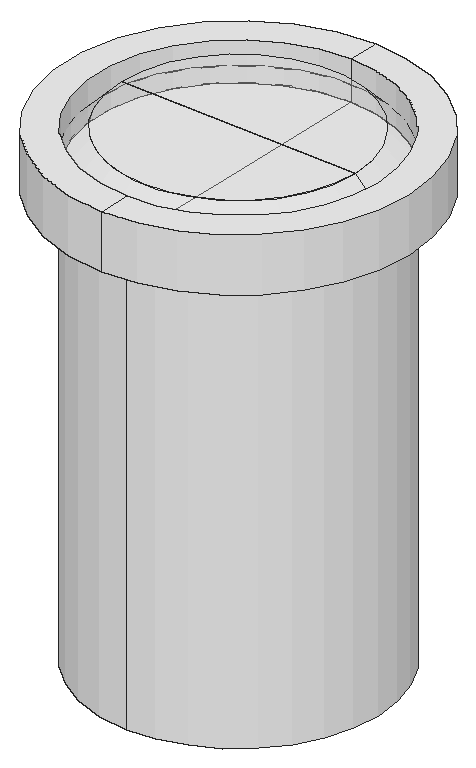
Revit family
Parameters
  Wattage = 9.2903 W
  built-in parameter 1150110 = 1 (stored number, unit not read)
  built-in parameter 1114217 = 1 (stored number, unit not read)
  built-in parameter 1150109 = 1 (stored number, unit not read)
  built-in parameter 1150134 = 3
  built-in parameter 1150113 = 1 (stored number, unit not read)
  Material light Fitting = Metal - Aluminium Satin
  Material Lamp Glazing = Glass - White Frosted
  built-in parameter 1150105 = 109.82 (stored number, unit not read)
  Lumens = 1380 lm
  built-in parameter 1150115 = 1 (stored number, unit not read)
  Light Source Symbol Size = 609.6 mm
  built-in parameter 1150137 = (empty or 0)
  built-in parameter 1150139 = (empty or 0)
  built-in parameter 1150112 = 1 (stored number, unit not read)
  built-in parameter 1150114 = 1 (stored number, unit not read)
  Keynote = "V"
  built-in parameter 1150132 = 2
  built-in parameter 1150102 = (empty or 0)
  built-in parameter 1150107 = 3200 (stored number, unit not read)
  built-in parameter 1150138 = (empty or 0)
  built-in parameter 1150106 = 1.0982 (stored number, unit not read)
  built-in parameter 1150104 = 13.8 (stored number, unit not read)
  Dimming Lamp Color Temperature Shift = (empty or 0)
  Color Filter = 16777215
  built-in parameter 1114218 = 1 (stored number, unit not read)
  built-in parameter 1150133 = 10 (stored number, unit not read)
Reference planes
  plane 1 "Light Source Axis (F/B)": y = 0
  plane 2: z = 0
  plane 3 "Light Source Axis (L/R)": x = 0
  plane 4 "Light Source Elevation": z = 20
  plane 5: x = 130
  plane 6: x = 25
Forms (mm)
  Revolve 1, solid, material "Metal - Aluminium Satin" <- "Material light Fitting"
    sketch origin (25, 0, 0) x (0, 1, 0) y (0, 0, 1)
      loop
        line (0, -310) -> (91, -310) -> (91, -35) -> (111, -35) -> (111, 0) -> (91, 0) -> (91, -25) -> (0, -25) -> (0, -310)
      axis (0, 0) -> (0, -310)
    angle from 0 to 360
  Revolve 2, solid, material "Glass - White Frosted" <- "Material Lamp Glazing"
    sketch origin (0, 0, 0) x (1, 0, 0) y (0, 0, 1)
      loop
        line (25, 0) -> (25, -25) -> (116, -25) -> (116, -15) -> (101, 0) -> (25, 0)
      axis (25, 0) -> (25, -25)
    angle from 0 to 360
Dimensions and locks
  aligned and locked: level to plane 2
  aligned and locked: plane 3 "Light Source Axis (L/R)" to imposter light
  aligned and locked: plane 1 "Light Source Axis (F/B)" to imposter light
  aligned and locked: plane 4 "Light Source Elevation" to imposter light
